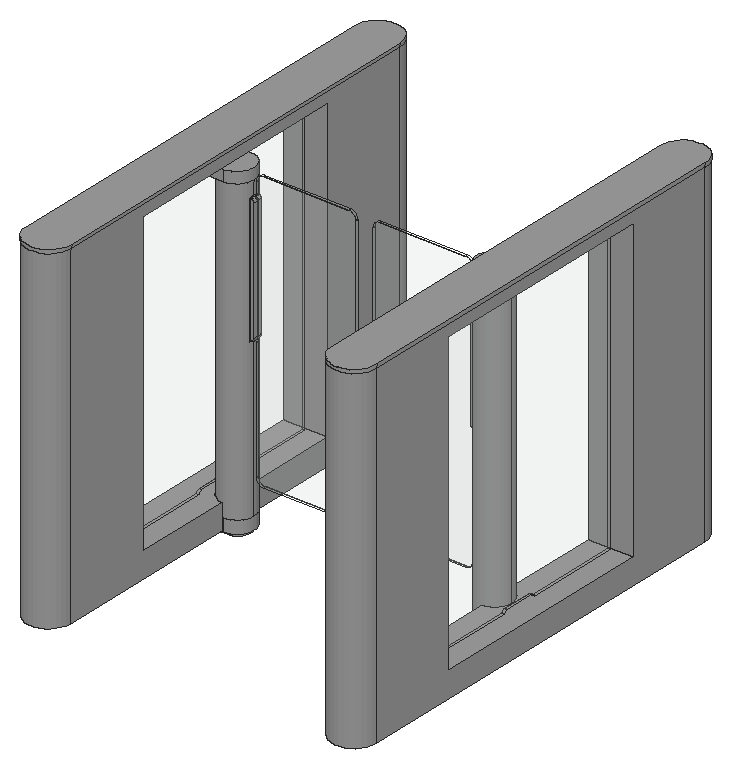
Revit family "ASSA_ABLOY_SG100", category Generic Models, Revit 2020
Family settings
  Can host rebar = No
  Round Connector Dimension = Use Diameter
  Part Type = Normal
  Work Plane-Based = No
  Always vertical = Yes
  Cut with Voids When Loaded = No
  Shared = No
  Room Calculation Point = No
Parameters (values of type "SG100")
  Width [instance] = if(Width Input = 1, "1019 mm", if(Width Input = 2, "1284 mm", if(Width Input = 3, "1569 mm", "ERROR")))  # "1019 mm"
  Weight = "Depends on configuration and size"
  WarrantyDescription = "Depends on country"
  Uniclass2 = ""
  URL = "https://www.assaabloyentrance.com"
  ThresholdRequired = no
  Shape = "Rectangular shaped"
  ServiceLifeDuration = "10-15 years"
  SerialNumber = "n/a"
  SelfClosing = yes
  SafetyDevices = "Force Limitations and Safety Sensors"
  ReplacementCost = "Depends on the configuration and door type"
  ReferenceStandard = "n/a"
  ProductionYear = "n/a"
  PassageWidthOptions = "650, 915"
  OperatingTemperature = "0º to +55ºC"
  OpenablePanelOpen [instance] = DoorOpen  # no
  OpenablePanelClose [instance] = not(DoorOpen)  # yes
  NominalWidth = 1019.0 mm
  NominalLength = 1325.0 mm
  NominalHeight = 1000.0 mm
  ModelReference = "Depends on the configuration"
  Model = "SG100"
  Material = "Aluminum"
  ManufacturerURL = "https://www.assaabloyentrance.com"
  Manufacturer = "Tansa"
  LeafColourOptions = "All RAL, customer specific"
  IssueDate = "n/a"
  IsExternal = yes
  HasDrive = yes
  HandicapAccessible = yes
  GlassType = "n/a"
  GlassThickness2 = 0.0 mm
  GlassThickness1 = 10.0 mm
  GlassLayers = 0
  Glass Height  Input [instance] = 1
  Glass Height [instance] = if(Glass Height  Input = 1, "945 mm", if(Glass Height  Input = 2, "1200 mm", if(Glass Height  Input = 3, "1800 mm", "ERROR")))  # "945 mm"
  Glazing Material [instance] = AssaAbloy_Glass
  FrameSeal = yes
  FrameProfile = "Aluminium"
  FrameFinishOptions = "Powder coated, Anodized, Clad in stainless steel, etc."
  Frame Material [instance] = AssaAbloy_Metal
  FireExit = yes
  Finish [instance] = "Powder coated, Anodized, stainless steel, customer specific"
  ElectronicLock = yes
  DrumWallOptions = "Metal"
  DoorsetOptions = "no"
  DoorsetOperation = "Automatic"
  DoorsetFasteners = "Screws"
  DoorOpen [instance] = no
  DoorIncluded = yes
  Description = "Speedgate"
  Default Elevation = 0.0 mm
  Construction Type = "Speedgate"
  Colour = "Customer specific"
  Clearance Zone Material [instance] = AssaAbloy_Clearance
  Clearance Zone [instance] = no
  Width Input [instance] = 1
  Clear Opening Width [instance] = if(Width Input = 1, 650.0 mm, if(Width Input = 2, 915.0 mm, if(Width Input = 3, 1200.0 mm, 1200.0 mm)))  # 650.0 mm
  Capacity = "n/a"
  Burglar resistance = "No"
  BreakoutFacility = no
  Author = "agtatec"
  AntiFingerTrapRequirement = no
  Anti-tailgating/Anti-piggybacking = "Yes"
  AccessoryOptions = "Contact manufacturer"
  Access control/Biometrics = "Yes"
Reference planes
  plane 1 "Center (Front/Back)": y = 0
  plane 2: z = 0
  plane 3 "Center (Left/Right)": x = 0
  plane 4: x = -325
  plane 5: x = 325
  plane 6: x = -374.8
  plane 7: x = 374.8
Dimensions and locks
  "Clear Opening Width": plane 4 to plane 5
  equal spacing: plane 4, plane 3 "Center (Left/Right)", plane 5
  locked: plane 6 to plane 4 at 49.8
  locked: plane 7 to plane 5 at 49.8
  aligned and locked: level to plane 2
  aligned and locked: nested 1 to plane 4
  aligned and locked: plane 6 to nested 3
  aligned and locked: nested 6 to plane 5
  aligned and locked: plane 7 to nested 5
  aligned and locked: nested 7 to plane 7
  aligned and locked: plane 6 to nested 4
Nested families
  nested 1: "record_VisionTouch_SidePanel" at (-325, 0, 0), type "record_VisionTouch_SidePanel"
  nested 2: "record_VisionTouch_CZ" at (0, 0, 0), visible <- "Clearance Zone", Clearance Zone <- "Clearance Zone", Width Input <- "Width Input", Glass Height Input <- "Glass Height  Input", type "record_VisionTouch_CZ"
    with Width Input 1, Glass Height Input 1, Clearance Zone no, CZGlassHeight 947.0 mm, COW 650.0 mm
  nested 3: "record_VisionTouch_OpenablePanel" at (-374.8, 0, 0), visible <- "OpenablePanelClose", type "record_VisionTouch_OpenablePanel"
  nested 4: "record_VisionTouch_OpenablePanel" at (-374.8, 0, 0) x (0, 1, 0) z (0, 0, 1), visible <- "OpenablePanelOpen", type "record_VisionTouch_OpenablePanel"
  nested 5: "record_VisionTouch_OpenablePanel" at (374.8, 0, 0) x (-1, 0, 0) z (0, 0, 1), visible <- "OpenablePanelClose", type "record_VisionTouch_OpenablePanel"
  nested 6: "record_VisionTouch_SidePanel" at (325, 0, 0) x (-1, 0, 0) z (0, 0, 1), type "record_VisionTouch_SidePanel"
  nested 7: "record_VisionTouch_OpenablePanel" at (374.8, 0, 0) x (0, 1, 0) z (0, 0, 1), visible <- "OpenablePanelOpen", type "record_VisionTouch_OpenablePanel"
Definition of nested family "record_VisionTouch_SidePanel"
  Parameters (values of type "record_VisionTouch_SidePanel")
    Glazing Material = none
    Frame Material = none
    Default Elevation = 0.0 mm
  Reference planes
    plane 1 "Center (Front/Back)": y = 0
    plane 2: z = 0
    plane 3 "Center (Left/Right)": x = 0
  Forms (mm)
    Extrusion 1, solid, material <- "Frame Material", detail levels fine
      sketch origin (0, 0, 0) x (1, 0, 0) y (0, 1, 0)
        loop
          line (-55.5, -598) -> (-55.5, 598)
          arc (-55.5, 598) -> (-120, 662.5) -> (-184.5, 598) r 64.5
          line (-184.5, 598) -> (-184.5, -598)
          arc (-184.5, -598) -> (-120, -662.5) -> (-55.5, -598) r 64.5
      from 10.21 to 990
    Extrusion 2, solid, material <- "Frame Material", detail levels fine
      sketch origin (0, 0, 0) x (1, 0, 0) y (0, 1, 0)
        loop
          arc (-49.801, -49.8) -> (-0.001, 0) -> (-49.801, 49.8) r 49.8
          line (-49.801, 49.8) -> (-114.4, 49.8) -> (-114.4, -49.8) -> (-49.801, -49.8)
      from 925.51 to 957.01
    Extrusion 3, solid, material <- "Frame Material", detail levels fine
      sketch origin (0, 0, 0) x (1, 0, 0) y (0, 1, 0)
        loop
          line (-54, -597.3) -> (-54, 598)
          arc (-54, 598) -> (-120, 664) -> (-186, 598) r 66
          line (-186, 598) -> (-186, -597.3)
          arc (-186, -597.3) -> (-120, -663.3) -> (-54, -597.3) r 66
      from 990 to 1000
    Extrusion 4, solid, material <- "Frame Material", detail levels fine
      sketch origin (0, 0, 0) x (1, 0, 0) y (0, 1, 0)
        loop
          line (-75, -562) -> (-75, -37.8) -> (-47.9, -37.8)
          arc (-47.9, -37.8) -> (-10.1, 0) -> (-47.9, 37.8) r 37.8
          line (-47.9, 37.8) -> (-75, 37.8) -> (-75, 562) -> (-165, 562) -> (-165, -562) -> (-75, -562)
      from 10.21 to 0
    Extrusion 5, void
      sketch origin (0, 0, 0) x (1, 0, 0) y (0, 1, 0)
        loop
          line (-186.61, 338.2) -> (-186.61, -337.8) -> (-54, -337.8) -> (-54, 338.2) -> (-186.61, 338.2)
      from 85.01 to 957.01
    Extrusion 6, solid, material <- "Glazing Material", detail levels fine
      sketch origin (-124, 0, 0) x (0, 1, 0) y (0, 0, 1)
        loop
          line (-330, 942) -> (-330, 85.01) -> (-54.949, 85.01)
          arc (-54.949, 85.01) -> (-51.704, 91.42) -> (-45, 94) r 10
          line (-45, 94) -> (45, 94)
          arc (45, 94) -> (51.704, 91.42) -> (54.949, 85.01) r 10
          line (54.949, 85.01) -> (330, 85.01) -> (330, 942)
          arc (330, 942) -> (327.071, 949.071) -> (320, 952) r 10
          line (320, 952) -> (-320, 952)
          arc (-320, 952) -> (-327.071, 949.071) -> (-330, 942) r 10
      from 0 to 8
    Extrusion 7, solid, material <- "Frame Material", detail levels fine
      sketch origin (0, 0, 0) x (1, 0, 0) y (0, 1, 0)
        loop
          arc (-49.801, -49.8) -> (-0.001, 0) -> (-49.801, 49.8) r 49.8
          line (-49.801, 49.8) -> (-114.4, 49.8) -> (-114.4, -49.8) -> (-49.801, -49.8)
      from 10.2 to 48.01
    Extrusion 8, void
      sketch origin (0, 0, 37.81) x (1, 0, 0) y (0, 1, 0)
        loop
          circle (-49.901, 0) r 50
      from 10.2 to 70.967
    Extrusion 9, solid, material <- "Frame Material", detail levels coarse+medium
      sketch origin (-0.1, 0, 0) x (1, 0, 0) y (0, 1, 0)
        loop
          line (-55.4, -662.5) -> (-55.4, 662.5) -> (-184.4, 662.5) -> (-184.4, -662.5) -> (-55.4, -662.5)
      from 0 to 1000
  Cuts and joins
    Extrusion 5, Extrusion 8 cuts Extrusion 1
    joined: Extrusion 1, Extrusion 4, Extrusion 7
  Dimensions and locks
    aligned and locked: level to plane 2
Definition of nested family "record_VisionTouch_OpenablePanel"
  Parameters (values of type "record_VisionTouch_OpenablePanel")
    Glazing Material = none
    GlassThickness = 8.0 mm  # constant formula
    GlassPanelWidth = (COW - 50.0 mm) / 2  # 301.0 mm
    GlassHeight = if(Glass Height Type Input = 1, 945.0 mm, if(Glass Height Type Input = 2, 1200.0 mm, if(Glass Height Type Input = 3, 1800.0 mm, 1800.0 mm)))  # 945.0 mm
    Glass Height Type Input = 1
    Frame Material = none
    Default Elevation = 0.0 mm
    COW = 652.0 mm
  Reference planes
    plane 1 "Center (Front/Back)": y = 0
    plane 2: z = 0
    plane 3 "Center (Left/Right)": x = 0
    plane 4: x = 49.8
    plane 5: x = 350.8
    plane 6: z = 945
    plane 7: z = 882
    plane 8: y = 4
    plane 9: y = -4
  Forms (mm)
    Extrusion 1, solid, material <- "Frame Material", detail levels fine
      sketch origin (0, 0, 48) x (1, 0, 0) y (0, 1, 0)
        loop
          circle (0, 0) r 49.8
      from 0 to 877.5
    Extrusion 2, solid, material <- "Glazing Material", detail levels fine
      sketch origin (0.1, 0, 48) x (1, 0, 0) y (0, 0, 1)
        loop
          arc (59.7, 842) -> (57.357, 836.343) -> (51.7, 834) r 8
          line (51.7, 834) -> (47.435, 834) -> (47.435, 464) -> (51.7, 464)
          arc (51.7, 464) -> (57.357, 461.657) -> (59.7, 456) r 8
          line (59.7, 456) -> (59.7, 104)
          arc (59.7, 104) -> (65.558, 89.858) -> (79.7, 84) r 20
          line (79.7, 84) -> (330.7, 84)
          arc (330.7, 84) -> (344.842, 89.858) -> (350.7, 104) r 20
          line (350.7, 104) -> (350.7, 877)
          arc (350.7, 877) -> (344.842, 891.142) -> (330.7, 897) r 20
          line (330.7, 897) -> (79.7, 897)
          arc (79.7, 897) -> (65.558, 891.142) -> (59.7, 877) r 20
          line (59.7, 877) -> (59.7, 842)
      from -4 to 4
    Extrusion 3, void
      sketch origin (0, 0, 0) x (1, 0, 0) y (0, 0, 1)
        loop
          line (47.535, 885.5) -> (47.535, 508.5) -> (59.8, 508.5) -> (59.8, 885.5) -> (47.535, 885.5)
      from -20 to 20
    Extrusion 4, solid, material <- "Frame Material", detail levels fine
      sketch origin (195.8, -4, 1200) x (-1, 0, 0) y (0, 0, -1)
        loop
          arc (136, 326) -> (138.929, 318.929) -> (146, 316) r 10
          line (146, 316) -> (148.265, 316) -> (148.265, 690) -> (146, 690)
          arc (146, 690) -> (138.929, 687.071) -> (136, 680) r 10
          line (136, 680) -> (136, 326)
      from 0 to 8.5
    Extrusion 5, solid, material <- "Frame Material", detail levels fine
      sketch origin (195.8, 4, 1200) x (-1, 0, 0) y (0, 0, 1)
        loop
          line (136, -326) -> (136, -680)
          arc (136, -680) -> (138.929, -687.071) -> (146, -690) r 10
          line (146, -690) -> (148.265, -690) -> (148.265, -316) -> (146, -316)
          arc (146, -316) -> (138.929, -318.929) -> (136, -326) r 10
      from 0 to 8.5
    Extrusion 6, solid, material <- "Glazing Material", detail levels medium
      sketch origin (0.1, -1, 48) x (1, 0, 0) y (0, 0, 1)
        loop
          line (350.7, 897) -> (-4.7, 897) -> (-4.7, 84) -> (350.7, 84) -> (350.7, 897)
      from -5 to 3
  Cuts and joins
    Extrusion 3 cuts Extrusion 1
  Dimensions and locks
    "GlassPanelWidth": plane 4 to plane 5
    plane 3 "Center (Left/Right)" to plane 4 = 49.8 mm
    "GlassHeight": plane 6 to plane 2
    "GlassThickness": plane 9 to plane 8
    aligned and locked: level to plane 2
    aligned and locked: plane 6 to Extrusion 2 sketch curve
    aligned and locked: Extrusion 2 sketch curve to plane 7
    aligned and locked: plane 8 to Extrusion 2
    aligned and locked: plane 9 to Extrusion 2
    aligned and locked: Extrusion 4 to plane 9
    aligned and locked: Extrusion 5 to plane 8
    aligned and locked: Extrusion 6 sketch curve to plane 5
    aligned and locked: plane 6 to Extrusion 6 sketch curve
    aligned and locked: plane 8 to Extrusion 6
    aligned and locked: plane 9 to Extrusion 6
  Automatic sketch dimensions
    plane 1 "Center (Front/Back)" to Extrusion 1 sketch curve = 0.0 mm
    Extrusion 1 sketch curve to plane 3 "Center (Left/Right)" = 0.0 mm
    Extrusion 2 sketch curve to plane 5 = 0.0 mm
    Extrusion 2 sketch curve to plane 5 = 20.0 mm  (x2)
    plane 4 to Extrusion 2 sketch curve = 30.0 mm  (x2)
    plane 4 to Extrusion 2 sketch curve = 10.0 mm  (x2)
    plane 4 to Extrusion 2 sketch curve = 2.0 mm  (x2)
    Extrusion 2 sketch curve to plane 4 = 2.265 mm
    Extrusion 2 sketch curve to Extrusion 2 sketch curve = 370.0 mm
    level to Extrusion 2 sketch curve = 152.0 mm
    Extrusion 3 sketch curve to plane 4 = 2.265 mm
    plane 4 to Extrusion 3 sketch curve = 10.0 mm
    plane 7 to Extrusion 3 sketch curve = 373.5 mm
    Extrusion 3 sketch curve to plane 7 = 3.5 mm
    Extrusion 6 sketch curve to plane 3 "Center (Left/Right)" = 4.6 mm
    level to Extrusion 6 sketch curve = 132.0 mm
    Extrusion 5 sketch curve to plane 4 = 0.0 mm  (x2)
    plane 7 to Extrusion 5 sketch curve = 8.0 mm
    Extrusion 5 sketch curve to Extrusion 5 sketch curve = 10.0 mm
    Extrusion 5 sketch curve to plane 4 = 2.265 mm
    Extrusion 5 sketch curve to Extrusion 5 sketch curve = 354.0 mm
    Extrusion 4 sketch curve to plane 4 = 0.0 mm  (x2)
    Extrusion 4 sketch curve to plane 7 = 8.0 mm
    Extrusion 4 sketch curve to Extrusion 4 sketch curve = 10.0 mm
    plane 4 to Extrusion 4 sketch curve = 2.265 mm
    Extrusion 4 sketch curve to Extrusion 4 sketch curve = 354.0 mm
    radius of Extrusion 1 sketch curve = 49.8 mm
Definition of nested family "record_VisionTouch_CZ"
  Parameters (values of type "record_VisionTouch_CZ")
    Width Input [instance] = 3
    Glass Height Input [instance] = 3
    Clearance Zone [instance] = yes
    CZGlassHeight [instance] = if(Glass Height Input = 1, 945.0 mm, if(Glass Height Input = 2, 1200.0 mm, if(Glass Height Input = 3, 1800.0 mm, 1800.0 mm))) + 2.0 mm  # 1802.0 mm
    Default Elevation = 0.0 mm
    Clearance Zone Material = none
    COW [instance] = if(Width Input = 1, 650.0 mm, if(Width Input = 2, 915.0 mm, if(Width Input = 3, 1200.0 mm, 1200.0 mm)))  # 1200.0 mm
  Reference planes
    plane 1 "Center (Front/Back)": y = 0
    plane 2: z = 0
    plane 3 "Center (Left/Right)": x = 0
    plane 4: x = -600
    plane 5: x = 600
    plane 6: x = -650.8
    plane 7: x = 650.8
    plane 8: x = -789.5
    plane 9: x = 789.5
    plane 10: y = 600
    plane 11: y = -600
    plane 12: z = 1802
  Forms (mm)
    Extrusion 1, solid, material <- "Clearance Zone Material", visible <- "Clearance Zone"
      sketch origin (0, 0, 0) x (1, 0, 0) y (0, 1, 0)
        loop
          line (-789.5, 667.487) -> (-789.5, -667.487) -> (789.5, -667.487) -> (789.5, 667.487) -> (-789.5, 667.487)
      from 0 to 1002
    Extrusion 2, solid, material <- "Clearance Zone Material", visible <- "Clearance Zone"
      sketch origin (0, 0, 0) x (1, 0, 0) y (0, 1, 0)
        loop
          line (-658.8, 629.8) -> (-658.8, -629.8) -> (658.8, -629.8) -> (658.8, 629.8) -> (-658.8, 629.8)
      from 0 to 1802
  Cuts and joins
    joined: Extrusion 1, Extrusion 2
  Dimensions and locks
    "COW": plane 4 to plane 5
    equal spacing: plane 4, plane 3 "Center (Left/Right)", plane 5
    locked: plane 6 to plane 4 at 50.8
    locked: plane 7 to plane 5 at 50.8
    locked: plane 8 to plane 4 at 189.5
    equal spacing: plane 11, plane 1 "Center (Front/Back)", plane 10
    "COW": plane 11 to plane 10
    locked: plane 10 to Extrusion 2 sketch curve at 29.8
    locked: plane 5 to Extrusion 2 sketch curve at 58.8
    locked: Extrusion 2 sketch curve to plane 4 at 58.8
    "CZGlassHeight": plane 12 to level
    locked: plane 5 to plane 9 at 189.5
    locked: plane 11 to Extrusion 2 sketch curve at 29.8
    aligned and locked: level to plane 2
    aligned and locked: Extrusion 1 to plane 8
    aligned and locked: cut or joined group of Extrusion 1, Extrusion 2 to plane 12
    aligned and locked: cut or joined group of Extrusion 1, Extrusion 2 to plane 9
  Automatic sketch dimensions
    Extrusion 1 sketch curve to plane 8 = 0.0 mm
    Extrusion 1 sketch curve to plane 1 "Center (Front/Back)" = 667.487 mm
    plane 1 "Center (Front/Back)" to Extrusion 1 sketch curve = 667.487 mm
    Extrusion 1 sketch curve to plane 9 = 0.0 mm
